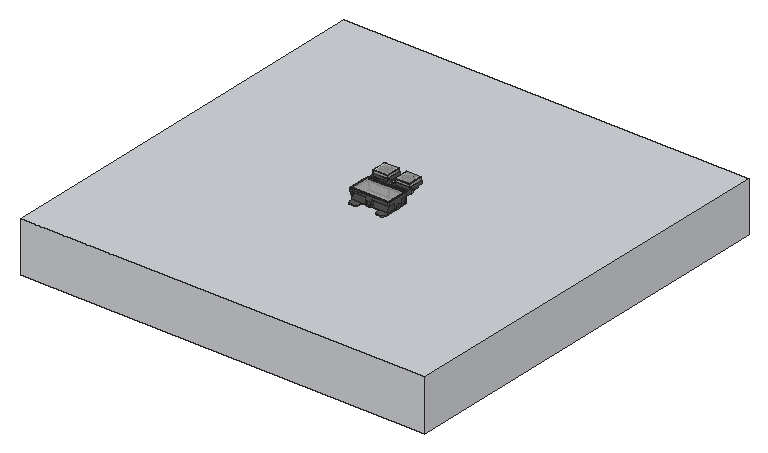
Revit family "URA Eclairage de Séurité_Bloc a Phare-SATI", category Luminaires, Revit 2021
Family settings
  Hôte = Face
  Cote de connecteur circulaire = Utiliser le diamètre
  Type d'élément = Normal
  Couper avec des vides une fois chargée = Non
  Source d'éclairage = Non
  Partagée = Non
  Repere pour localisation dans la piece = Non
Parameters (values of type "BAP Sati 1H")
  état des accus = "Lithium-ion"
  source lumineuse = "LED non interchangeable"
  capacité des bornes = "1,5-2,5 mm2"
  Type de pictogramme = "autre"
  Type de connexion = "autre"
  Type de commutation = "Non permanent"
  Tension = "230 VAC"
  Temperature d'utilisation MIN-MAX = "0°C +35°C"
  Système de contrôle = "Auto-test automatique"
  Référence / Modèle = "UR130037"
  Puissance du système = 0.8 W
  Poids = ""
  Objet Connecté = no
  Mode de pose = "Montage en saillie (mur)"
  Matière = "Plastique"
  Longueur = 285.5 mm
  Long = 285.5 mm
  Largeur = 240 mm
  Large = 240 mm
  IP = "65"
  IK = "07"
  Hauteur = 93.5 mm
  Fréquence = "50/60 Hz"
  Fonction = "Éclairage d'évacuation et d'ambiance"
  Flux lumineux utile = 2000 lm
  Fabricant = "URA"
  Elévation par défaut = 2300 mm
  Description Produit = "BAES 2 PHARES LEDS IP65 2000 LM 1H EVACUATION / AMBIANCE SATI"
  Couleur = "Noir"
  Consommation en veille = 0 A
  Conditions Générale d'Utilisation = "https://export.legrand.com/CGU-objets-BIM"
  Code EAN = "3613400171354"
  Classe de protection = "II"
  Classe ETIM = "EC001957-Luminaire d'éclairage de sécurité"
  Batterie de rechange = "2 x UR111923"
  Autonomie = "1 H"
  Alimentation de secours = "Autonome (batterie individuelle)"
  Adressable = no
  2 phares = yes
  1 phare = no
Types (5, lengths in mm): name | Référence / Modèle | Puissance du système | Longueur | Long | Largeur | Large | Flux lumineux utile | Description Produit | Code EAN | Batterie de rechange | Adressable | 2 phares | 1 phare
  (no name) | "UR130037" | 0.8 W | 285.5 | 285.5 | 240 | 240 | 2000 lm | "BAES 2 PHARES LEDS IP65 2000 LM 1H EVACUATION / AMBIANCE SATI" | "3613400171354" | "2 x UR111923" | no | yes | no
  BAP Sati Adressable 1000 lm | "UR130036" | 0.8 W | 408.5 | 408.5 | 137 | 137 | 1000 lm | "BAES 1 PHARE LEDS IP65 1000 LM 1H EVACUATION / AMBIANCE SATI ADRESSABLE" | "3613400171347" | "UR111923" | yes | no | yes
  BAP Sati Connectable 2500 lm | "UR130038" | 1 W | 285.5 | 285.5 | 240 | 240 | 2500 lm | "BAES 2 PHARES LEDS IP65 2500 LM 1H EVACUATION / AMBIANCE SATI CONNECTABLE" | "3613400171361" | "2 x UR111924" | no | yes | no
  BAP Sati Adressable 2500 lm | "UR130039" | 1 W | 285.5 | 285.5 | 240 | 240 | 2500 lm | "BAES 2 PHARES LEDS IP65 2500 LM 1H EVACUATION / AMBIANCE SATI ADRESSABLE" | "3613400171378" | "2 x UR111924" | yes | yes | no
  BAP Sati 1H | "UR130037" | 0.8 W | 285.5 | 285.5 | 240 | 240 | 2000 lm | "BAES 2 PHARES LEDS IP65 2000 LM 1H EVACUATION / AMBIANCE SATI" | "3613400171354" | "2 x UR111923" | no | yes | no
Reference planes
  plane 1 "Centre (avant/arrière)": y = 0
  plane 2 "Connecteur": z = 0
  plane 3 "Centre (gauche/droite)": x = 0
  plane 4: y = 142.75
  plane 5: y = -142.75
  plane 6: x = -120
  plane 7: x = 120
Forms (mm)
  Extrusion 1, solid
    sketch origin (0, 0, 0) x (1, 0, 0) y (0, 1, 0)
      loop
        line (-1219.2, 1219.2) -> (-1219.2, -1219.2) -> (1219.2, -1219.2) -> (1219.2, 1219.2) -> (-1219.2, 1219.2)
    from 0 to -304.8
  Extrusion 2, solid, material "LEGRAND - Plastique noir", visible <- "1 phare"
    sketch origin (0, 0, 0) x (1, 0, 0) y (0, 1, 0)
      loop
        line (65.058, 89.327) -> (26.827, 89.327) -> (21.015, 115.516) -> (-21.015, 115.516) -> (-26.82, 89.327) -> (-65.058, 89.327) -> (-65.058, 45.28) -> (-58.5, 38.722) -> (-58.5, -23.048) -> (-51.942, -29.606) -> (-51.942, -89.488) -> (-58.5, -96.045) -> (-58.5, -157.983) -> (-65.058, -164.541) -> (-65.058, -194.25)
        arc (-65.058, -194.25) -> (-62.129, -201.321) -> (-55.058, -204.25) r 10
        line (-55.058, -204.25) -> (55.058, -204.25)
        arc (55.058, -204.25) -> (62.129, -201.321) -> (65.058, -194.25) r 10
        line (65.058, -194.25) -> (65.058, -164.541) -> (58.5, -157.983) -> (58.5, -96.045) -> (51.942, -89.488) -> (51.942, -29.606) -> (58.5, -23.048) -> (58.5, 38.722) -> (65.058, 45.28) -> (65.058, 89.327)
    from 0 to 1.498
  Extrusion 3, solid, material "LEGRAND - Plastique noir", visible <- "1 phare"
    sketch origin (0, 0, 0) x (0, 1, 0) y (0, 0, 1)
      loop
        line (-89.488, 1.497) -> (-29.605, 1.497) -> (-29.605, 2.894)
        arc (-29.605, 2.894) -> (-30.777, 5.722) -> (-33.605, 6.894) r 4
        line (-33.605, 6.894) -> (-85.488, 6.894)
        arc (-85.488, 6.894) -> (-88.316, 5.722) -> (-89.488, 2.894) r 4
        line (-89.488, 2.894) -> (-89.488, 1.497)
    from -51.942 to -50.4
  Extrusion 4, solid, material "LEGRAND - Plastique noir", visible <- "1 phare"
    sketch origin (0, 0, 0) x (0, 1, 0) y (0, 0, -1)
      loop
        line (-89.488, -1.497) -> (-89.488, -2.894)
        arc (-89.488, -2.894) -> (-88.316, -5.722) -> (-85.488, -6.894) r 4
        line (-85.488, -6.894) -> (-33.605, -6.894)
        arc (-33.605, -6.894) -> (-30.777, -5.722) -> (-29.605, -2.894) r 4
        line (-29.605, -2.894) -> (-29.605, -1.497) -> (-89.488, -1.497)
    from -51.942 to -50.4
  Extrusion 5, solid, material "LEGRAND - Plastique noir", visible <- "1 phare"
    sketch origin (0, 0, 0) x (1, 0, 0) y (0, 0, 1)
      loop
        line (-65.058, 56.477) -> (-65.058, 0) -> (-39.058, 0) -> (-39.058, 41.496) -> (39.058, 41.496) -> (39.058, 0) -> (65.058, 0) -> (65.058, 56.477)
        arc (65.058, 56.477) -> (62.129, 63.548) -> (55.058, 66.477) r 10
        line (55.058, 66.477) -> (-55.058, 66.477)
        arc (-55.058, 66.477) -> (-62.129, 63.548) -> (-65.058, 56.477) r 10
    from -89.327 to -87.8
  Extrusion 6, solid, material "LEGRAND - Plastique noir 31", visible <- "2 phares"
    sketch origin (0, 0, 0) x (1, 0, 0) y (0, 1, 0)
      loop
        arc (-15.001, 53.249) -> (-21.506, 51.504) -> (-26.265, 46.738) r 13
        line (-26.265, 46.738) -> (-40.948, 21.251) -> (-50.001, 21.251) -> (-50.001, 27.827) -> (-110.002, 27.827) -> (-110.002, -120.787) -> (-104.64, -135.514)
        arc (-104.64, -135.514) -> (-100.612, -140.761) -> (-94.304, -142.75) r 11
        line (-94.304, -142.75) -> (-69.705, -142.75)
        arc (-69.705, -142.75) -> (-63.396, -140.76) -> (-59.368, -135.511) r 11
        line (-59.368, -135.511) -> (-47.811, -103.746) -> (47.803, -103.746) -> (59.361, -135.511)
        arc (59.361, -135.511) -> (63.388, -140.76) -> (69.698, -142.75) r 11
        line (69.698, -142.75) -> (94.294, -142.75)
        arc (94.294, -142.75) -> (100.603, -140.761) -> (104.63, -135.514) r 11
        line (104.63, -135.514) -> (110, -120.766) -> (110, 27.827) -> (49.999, 27.827) -> (49.999, 21.251) -> (40.977, 21.251) -> (26.251, 46.75)
        arc (26.251, 46.75) -> (21.492, 51.508) -> (14.993, 53.249) r 13
        line (14.993, 53.249) -> (-15.001, 53.249)
    from 0 to 1.498
  Extrusion 7, solid, material "LEGRAND - Plastique noir 31", visible <- "2 phares"
    sketch origin (0, 0, 0) x (1, 0, 0) y (0, 0, 1)
      loop
        line (19, 1.498) -> (19, 3.894)
        arc (19, 3.894) -> (18.121, 6.015) -> (16, 6.894) r 3
        line (16, 6.894) -> (-16, 6.894)
        arc (-16, 6.894) -> (-18.121, 6.015) -> (-19, 3.894) r 3
        line (-19, 3.894) -> (-19, 1.498) -> (19, 1.498)
    from 102.251 to 103.746
  Extrusion 8, solid, material "LEGRAND - Plastique noir 31", visible <- "2 phares"
    sketch origin (0, 0, 0) x (1, 0, 0) y (0, 0, 1)
      loop
        line (19, 1.498) -> (19, 3.894)
        arc (19, 3.894) -> (18.121, 6.015) -> (16, 6.894) r 3
        line (16, 6.894) -> (-16, 6.894)
        arc (-16, 6.894) -> (-18.121, 6.015) -> (-19, 3.894) r 3
        line (-19, 3.894) -> (-19, 1.498) -> (19, 1.498)
    from -6.251 to -4.8
  Extrusion 9, solid, material "LEGRAND - Plastique noir 31", visible <- "2 phares"
    sketch origin (0, 0, 0) x (1, 0, 0) y (0, 0, 1)
      loop
        line (110.002, 1.498) -> (110.002, 15.498) -> (100.513, 60.14)
        arc (100.513, 60.14) -> (97.723, 64.694) -> (92.688, 66.477) r 8
        line (92.688, 66.477) -> (67.315, 66.477)
        arc (67.315, 66.477) -> (62.28, 64.694) -> (59.49, 60.14) r 8
        line (59.49, 60.14) -> (50.001, 15.498) -> (50.001, 1.498) -> (110.002, 1.498)
      loop
        line (-110.002, 1.498) -> (-50.001, 1.498) -> (-50.001, 15.498) -> (-59.49, 60.14)
        arc (-59.49, 60.14) -> (-62.28, 64.694) -> (-67.315, 66.477) r 8
        line (-67.315, 66.477) -> (-92.688, 66.477)
        arc (-92.688, 66.477) -> (-97.723, 64.694) -> (-100.513, 60.14) r 8
        line (-100.513, 60.14) -> (-110.002, 15.498) -> (-110.002, 1.498)
    from -27.827 to -26.255
  Extrusion 10, solid, material "LEGRAND - Plastique noir 31", visible <- "2 phares", not visible
    sketch origin (0, 0, 0) x (1, 0, 0) y (0, 1, 0)
      loop
        arc (-15.001, 53.249) -> (-21.506, 51.504) -> (-26.265, 46.738) r 13
        line (-26.265, 46.738) -> (-40.948, 21.251) -> (-50.001, 21.251) -> (-50.001, 27.827) -> (-110.002, 27.827) -> (-110.002, -120.787) -> (-104.64, -135.514)
        arc (-104.64, -135.514) -> (-100.612, -140.761) -> (-94.304, -142.75) r 11
        line (-94.304, -142.75) -> (-69.705, -142.75)
        arc (-69.705, -142.75) -> (-63.396, -140.76) -> (-59.368, -135.511) r 11
        line (-59.368, -135.511) -> (-47.811, -103.746) -> (47.803, -103.746) -> (59.361, -135.511)
        arc (59.361, -135.511) -> (63.388, -140.76) -> (69.698, -142.75) r 11
        line (69.698, -142.75) -> (94.294, -142.75)
        arc (94.294, -142.75) -> (100.603, -140.761) -> (104.63, -135.514) r 11
        line (104.63, -135.514) -> (110, -120.766) -> (110, 27.827) -> (49.999, 27.827) -> (49.999, 21.251) -> (40.977, 21.251) -> (26.251, 46.75)
        arc (26.251, 46.75) -> (21.492, 51.508) -> (14.993, 53.249) r 13
        line (14.993, 53.249) -> (-15.001, 53.249)
    from 0 to 1.498
  Extrusion 11, solid, material "LEGRAND - Plastique noir 31", visible <- "2 phares", not visible
    sketch origin (0, 0, 0) x (1, 0, 0) y (0, 0, 1)
      loop
        line (19, 1.498) -> (19, 3.894)
        arc (19, 3.894) -> (18.121, 6.015) -> (16, 6.894) r 3
        line (16, 6.894) -> (-16, 6.894)
        arc (-16, 6.894) -> (-18.121, 6.015) -> (-19, 3.894) r 3
        line (-19, 3.894) -> (-19, 1.498) -> (19, 1.498)
    from 102.251 to 103.746
  Extrusion 12, solid, material "LEGRAND - Plastique noir 31", visible <- "2 phares", not visible
    sketch origin (0, 0, 0) x (1, 0, 0) y (0, 0, 1)
      loop
        line (19, 1.498) -> (19, 3.894)
        arc (19, 3.894) -> (18.121, 6.015) -> (16, 6.894) r 3
        line (16, 6.894) -> (-16, 6.894)
        arc (-16, 6.894) -> (-18.121, 6.015) -> (-19, 3.894) r 3
        line (-19, 3.894) -> (-19, 1.498) -> (19, 1.498)
    from -6.251 to -4.8
  Extrusion 13, solid, material "LEGRAND - Plastique noir 31", visible <- "2 phares", not visible
    sketch origin (0, 0, 0) x (1, 0, 0) y (0, 0, 1)
      loop
        line (110.002, 1.498) -> (110.002, 15.498) -> (100.513, 60.14)
        arc (100.513, 60.14) -> (97.723, 64.694) -> (92.688, 66.477) r 8
        line (92.688, 66.477) -> (67.315, 66.477)
        arc (67.315, 66.477) -> (62.28, 64.694) -> (59.49, 60.14) r 8
        line (59.49, 60.14) -> (50.001, 15.498) -> (50.001, 1.498) -> (110.002, 1.498)
      loop
        line (-110.002, 1.498) -> (-50.001, 1.498) -> (-50.001, 15.498) -> (-59.49, 60.14)
        arc (-59.49, 60.14) -> (-62.28, 64.694) -> (-67.315, 66.477) r 8
        line (-67.315, 66.477) -> (-92.688, 66.477)
        arc (-92.688, 66.477) -> (-97.723, 64.694) -> (-100.513, 60.14) r 8
        line (-100.513, 60.14) -> (-110.002, 15.498) -> (-110.002, 1.498)
    from -27.827 to -26.255
  Extrusion 14, solid, material "LEGRAND - Plastique noir", visible <- "1 phare", not visible
    sketch origin (0, 0, 0) x (1, 0, 0) y (0, 1, 0)
      loop
        line (65.058, 89.327) -> (26.827, 89.327) -> (21.015, 115.516) -> (-21.015, 115.516) -> (-26.82, 89.327) -> (-65.058, 89.327) -> (-65.058, 45.28) -> (-58.5, 38.722) -> (-58.5, -23.048) -> (-51.942, -29.606) -> (-51.942, -89.488) -> (-58.5, -96.045) -> (-58.5, -157.983) -> (-65.058, -164.541) -> (-65.058, -194.25)
        arc (-65.058, -194.25) -> (-62.129, -201.321) -> (-55.058, -204.25) r 10
        line (-55.058, -204.25) -> (55.058, -204.25)
        arc (55.058, -204.25) -> (62.129, -201.321) -> (65.058, -194.25) r 10
        line (65.058, -194.25) -> (65.058, -164.541) -> (58.5, -157.983) -> (58.5, -96.045) -> (51.942, -89.488) -> (51.942, -29.606) -> (58.5, -23.048) -> (58.5, 38.722) -> (65.058, 45.28) -> (65.058, 89.327)
    from 0 to 1.498
  Extrusion 15, solid, material "LEGRAND - Plastique noir", visible <- "1 phare", not visible
    sketch origin (0, 0, 0) x (0, 1, 0) y (0, 0, 1)
      loop
        line (-89.488, 1.497) -> (-29.605, 1.497) -> (-29.605, 2.894)
        arc (-29.605, 2.894) -> (-30.777, 5.722) -> (-33.605, 6.894) r 4
        line (-33.605, 6.894) -> (-85.488, 6.894)
        arc (-85.488, 6.894) -> (-88.316, 5.722) -> (-89.488, 2.894) r 4
        line (-89.488, 2.894) -> (-89.488, 1.497)
    from -51.942 to -50.4
  Extrusion 16, solid, material "LEGRAND - Plastique noir", visible <- "1 phare", not visible
    sketch origin (0, 0, 0) x (0, 1, 0) y (0, 0, -1)
      loop
        line (-89.488, -1.497) -> (-89.488, -2.894)
        arc (-89.488, -2.894) -> (-88.316, -5.722) -> (-85.488, -6.894) r 4
        line (-85.488, -6.894) -> (-33.605, -6.894)
        arc (-33.605, -6.894) -> (-30.777, -5.722) -> (-29.605, -2.894) r 4
        line (-29.605, -2.894) -> (-29.605, -1.497) -> (-89.488, -1.497)
    from -51.942 to -50.4
  Extrusion 17, solid, material "LEGRAND - Plastique noir", visible <- "1 phare", not visible
    sketch origin (0, 0, 0) x (1, 0, 0) y (0, 0, 1)
      loop
        line (-65.058, 56.477) -> (-65.058, 0) -> (-39.058, 0) -> (-39.058, 41.496) -> (39.058, 41.496) -> (39.058, 0) -> (65.058, 0) -> (65.058, 56.477)
        arc (65.058, 56.477) -> (62.129, 63.548) -> (55.058, 66.477) r 10
        line (55.058, 66.477) -> (-55.058, 66.477)
        arc (-55.058, 66.477) -> (-62.129, 63.548) -> (-65.058, 56.477) r 10
    from -89.327 to -87.8
Cuts and joins
  joined: Extrusion 2, Extrusion 3, Extrusion 4, Extrusion 5
  joined: Extrusion 6, Extrusion 7, Extrusion 9
Dimensions and locks
  equal spacing: plane 4, plane 1 "Centre (avant/arrière)", plane 5
  "Long": plane 4 to plane 5
  equal spacing: plane 6, plane 3 "Centre (gauche/droite)", plane 7
  "Large": plane 6 to plane 7
  aligned and locked: plane 2 "Connecteur" to Extrusion 1
  aligned and locked: level to Extrusion 1
Automatic sketch dimensions
  Extrusion 2 sketch curve to Extrusion 2 sketch curve = 6.558 mm  (x14)
  Extrusion 2 sketch curve to Extrusion 2 sketch curve = 5.812 mm
  Extrusion 2 sketch curve to Extrusion 2 sketch curve = 29.709 mm  (x2)
  Extrusion 2 sketch curve to Extrusion 2 sketch curve = 61.938 mm  (x2)
  Extrusion 2 sketch curve to Extrusion 2 sketch curve = 44.048 mm  (x2)
  Extrusion 2 sketch curve to Extrusion 2 sketch curve = 26.189 mm
  Extrusion 3 sketch curve to Extrusion 3 sketch curve = 4 mm  (x2)
  Extrusion 4 sketch curve to Extrusion 4 sketch curve = 4 mm  (x2)
  Extrusion 5 sketch curve to Extrusion 5 sketch curve = 26 mm  (x2)
  Extrusion 5 sketch curve to Extrusion 5 sketch curve = 41.496 mm  (x2)
  Extrusion 5 sketch curve to Extrusion 5 sketch curve = 14.981 mm
  Extrusion 5 sketch curve to Extrusion 5 sketch curve = 10 mm
  Extrusion 2 sketch curve to Extrusion 2 sketch curve = 0 mm
  Extrusion 2 sketch curve to Extrusion 2 sketch curve = 10 mm  (x2)
  Extrusion 2 sketch curve to Extrusion 2 sketch curve = 38.238 mm
  Extrusion 2 sketch curve to Extrusion 2 sketch curve = 5.805 mm
  Extrusion 2 sketch curve to Extrusion 2 sketch curve = 42.03 mm
  Extrusion 2 sketch curve to Extrusion 2 sketch curve = 103.885 mm
  Extrusion 2 sketch curve to Extrusion 2 sketch curve = 3.442 mm
  Extrusion 2 sketch curve to Extrusion 2 sketch curve = 59.882 mm  (x2)
  Extrusion 2 sketch curve to Extrusion 2 sketch curve = 61.77 mm  (x2)
  Extrusion 3 sketch curve to Extrusion 3 sketch curve = 51.883 mm
  Extrusion 3 sketch curve to Extrusion 3 sketch curve = 1.397 mm
  Extrusion 4 sketch curve to Extrusion 4 sketch curve = 51.883 mm
  Extrusion 4 sketch curve to Extrusion 4 sketch curve = 1.397 mm
  Extrusion 5 sketch curve to Extrusion 5 sketch curve = 78.115 mm
  Extrusion 5 sketch curve to Extrusion 5 sketch curve = 16 mm
  Extrusion 1 sketch curve to Extrusion 1 sketch curve = 2438.4 mm  (x2)
  Extrusion 6 sketch curve to Extrusion 6 sketch curve = 24.598 mm
  Extrusion 6 sketch curve to Extrusion 6 sketch curve = 11.558 mm  (x2)
  Extrusion 6 sketch curve to Extrusion 6 sketch curve = 9.053 mm
  Extrusion 6 sketch curve to Extrusion 6 sketch curve = 11.264 mm
  Extrusion 6 sketch curve to Extrusion 6 sketch curve = 11.257 mm
  Extrusion 6 sketch curve to Extrusion 6 sketch curve = 14.726 mm
  Extrusion 6 sketch curve to Extrusion 6 sketch curve = 9.022 mm
  Extrusion 6 sketch curve to Extrusion 6 sketch curve = 10.337 mm  (x2)
  Extrusion 6 sketch curve to Extrusion 6 sketch curve = 24.596 mm
  Extrusion 6 sketch curve to Extrusion 6 sketch curve = 14.727 mm
  Extrusion 6 sketch curve to Extrusion 6 sketch curve = 14.748 mm
  Extrusion 6 sketch curve to Extrusion 6 sketch curve = 6.576 mm  (x2)
  Extrusion 6 sketch curve to Extrusion 6 sketch curve = 18.997 mm
  Extrusion 6 sketch curve to Extrusion 6 sketch curve = 0 mm  (x3)
  Extrusion 6 sketch curve to Extrusion 6 sketch curve = 6.489 mm
  Extrusion 7 sketch curve to Extrusion 7 sketch curve = 3 mm  (x2)
  Extrusion 8 sketch curve to Extrusion 8 sketch curve = 3 mm  (x2)
  Extrusion 6 sketch curve to Extrusion 6 sketch curve = 31.765 mm
  Extrusion 9 sketch curve to Extrusion 9 sketch curve = 7.825 mm  (x4)
  Extrusion 9 sketch curve to Extrusion 9 sketch curve = 25.373 mm  (x2)
  Extrusion 9 sketch curve to Extrusion 9 sketch curve = 9.489 mm  (x4)
  Extrusion 9 sketch curve to Extrusion 9 sketch curve = 14 mm  (x4)
  Extrusion 9 sketch curve to Extrusion 9 sketch curve = 42.979 mm  (x2)
  Extrusion 9 sketch curve to Extrusion 9 sketch curve = 0 mm  (x3)
  Extrusion 9 sketch curve to Extrusion 9 sketch curve = 1.663 mm  (x2)
  Extrusion 6 sketch curve to Extrusion 6 sketch curve = 5.362 mm
  Extrusion 6 sketch curve to Extrusion 6 sketch curve = 10.336 mm  (x2)
  Extrusion 6 sketch curve to Extrusion 6 sketch curve = 60.002 mm
  Extrusion 6 sketch curve to Extrusion 6 sketch curve = 14.683 mm
  Extrusion 6 sketch curve to Extrusion 6 sketch curve = 29.994 mm
  Extrusion 6 sketch curve to Extrusion 6 sketch curve = 95.613 mm
  Extrusion 6 sketch curve to Extrusion 6 sketch curve = 60.001 mm
  Extrusion 6 sketch curve to Extrusion 6 sketch curve = 7.236 mm  (x2)
  Extrusion 6 sketch curve to Extrusion 6 sketch curve = 7.239 mm  (x2)
  Extrusion 6 sketch curve to Extrusion 6 sketch curve = 124.998 mm
  Extrusion 7 sketch curve to Extrusion 7 sketch curve = 32 mm
  Extrusion 7 sketch curve to Extrusion 7 sketch curve = 2.396 mm
  Extrusion 8 sketch curve to Extrusion 8 sketch curve = 32 mm
  Extrusion 8 sketch curve to Extrusion 8 sketch curve = 2.396 mm
  Extrusion 9 sketch curve to Extrusion 9 sketch curve = 100.001 mm
  Extrusion 10 sketch curve to Extrusion 10 sketch curve = 24.598 mm
  Extrusion 10 sketch curve to Extrusion 10 sketch curve = 11.558 mm  (x2)
  Extrusion 10 sketch curve to Extrusion 10 sketch curve = 9.053 mm
  Extrusion 10 sketch curve to Extrusion 10 sketch curve = 11.264 mm
  Extrusion 10 sketch curve to Extrusion 10 sketch curve = 11.257 mm
  Extrusion 10 sketch curve to Extrusion 10 sketch curve = 14.726 mm
  Extrusion 10 sketch curve to Extrusion 10 sketch curve = 9.022 mm
  Extrusion 10 sketch curve to Extrusion 10 sketch curve = 10.337 mm  (x2)
  Extrusion 10 sketch curve to Extrusion 10 sketch curve = 24.596 mm
  Extrusion 10 sketch curve to Extrusion 10 sketch curve = 14.727 mm
  Extrusion 10 sketch curve to Extrusion 10 sketch curve = 14.748 mm
  Extrusion 10 sketch curve to Extrusion 10 sketch curve = 6.576 mm  (x2)
  Extrusion 10 sketch curve to Extrusion 10 sketch curve = 18.997 mm
  Extrusion 10 sketch curve to Extrusion 10 sketch curve = 0 mm  (x3)
  Extrusion 10 sketch curve to Extrusion 10 sketch curve = 6.489 mm
  Extrusion 11 sketch curve to Extrusion 11 sketch curve = 3 mm  (x2)
  Extrusion 12 sketch curve to Extrusion 12 sketch curve = 3 mm  (x2)
  Extrusion 10 sketch curve to Extrusion 10 sketch curve = 31.765 mm
  Extrusion 13 sketch curve to Extrusion 13 sketch curve = 7.825 mm  (x4)
  Extrusion 13 sketch curve to Extrusion 13 sketch curve = 25.373 mm  (x2)
  Extrusion 13 sketch curve to Extrusion 13 sketch curve = 9.489 mm  (x4)
  Extrusion 13 sketch curve to Extrusion 13 sketch curve = 14 mm  (x4)
  Extrusion 13 sketch curve to Extrusion 13 sketch curve = 42.979 mm  (x2)
  Extrusion 13 sketch curve to Extrusion 13 sketch curve = 0 mm  (x3)
  Extrusion 13 sketch curve to Extrusion 13 sketch curve = 1.663 mm  (x2)
  Extrusion 10 sketch curve to Extrusion 10 sketch curve = 5.362 mm
  Extrusion 10 sketch curve to Extrusion 10 sketch curve = 10.336 mm  (x2)
  Extrusion 10 sketch curve to Extrusion 10 sketch curve = 60.002 mm
  Extrusion 10 sketch curve to Extrusion 10 sketch curve = 14.683 mm
  Extrusion 10 sketch curve to Extrusion 10 sketch curve = 29.994 mm
  Extrusion 10 sketch curve to Extrusion 10 sketch curve = 95.613 mm
  Extrusion 10 sketch curve to Extrusion 10 sketch curve = 60.001 mm
  Extrusion 10 sketch curve to Extrusion 10 sketch curve = 7.236 mm  (x2)
  Extrusion 10 sketch curve to Extrusion 10 sketch curve = 7.239 mm  (x2)
  Extrusion 10 sketch curve to Extrusion 10 sketch curve = 124.998 mm
  Extrusion 11 sketch curve to Extrusion 11 sketch curve = 32 mm
  Extrusion 11 sketch curve to Extrusion 11 sketch curve = 2.396 mm
  Extrusion 12 sketch curve to Extrusion 12 sketch curve = 32 mm
  Extrusion 12 sketch curve to Extrusion 12 sketch curve = 2.396 mm
  Extrusion 13 sketch curve to Extrusion 13 sketch curve = 100.001 mm
  Extrusion 14 sketch curve to Extrusion 14 sketch curve = 6.558 mm  (x14)
  Extrusion 14 sketch curve to Extrusion 14 sketch curve = 5.812 mm
  Extrusion 14 sketch curve to Extrusion 14 sketch curve = 29.709 mm  (x2)
  Extrusion 14 sketch curve to Extrusion 14 sketch curve = 61.938 mm  (x2)
  Extrusion 14 sketch curve to Extrusion 14 sketch curve = 44.048 mm  (x2)
  Extrusion 14 sketch curve to Extrusion 14 sketch curve = 26.189 mm
  Extrusion 15 sketch curve to Extrusion 15 sketch curve = 4 mm  (x2)
  Extrusion 16 sketch curve to Extrusion 16 sketch curve = 4 mm  (x2)
  Extrusion 17 sketch curve to Extrusion 17 sketch curve = 26 mm  (x2)
  Extrusion 17 sketch curve to Extrusion 17 sketch curve = 41.496 mm  (x2)
  Extrusion 17 sketch curve to Extrusion 17 sketch curve = 14.981 mm
  Extrusion 17 sketch curve to Extrusion 17 sketch curve = 10 mm
  Extrusion 14 sketch curve to Extrusion 14 sketch curve = 0 mm
  Extrusion 14 sketch curve to Extrusion 14 sketch curve = 10 mm  (x2)
  Extrusion 14 sketch curve to Extrusion 14 sketch curve = 38.238 mm
  Extrusion 14 sketch curve to Extrusion 14 sketch curve = 5.805 mm
  Extrusion 14 sketch curve to Extrusion 14 sketch curve = 42.03 mm
  Extrusion 14 sketch curve to Extrusion 14 sketch curve = 103.885 mm
  Extrusion 14 sketch curve to Extrusion 14 sketch curve = 3.442 mm
  Extrusion 14 sketch curve to Extrusion 14 sketch curve = 59.882 mm  (x2)
  Extrusion 14 sketch curve to Extrusion 14 sketch curve = 61.77 mm  (x2)
  Extrusion 15 sketch curve to Extrusion 15 sketch curve = 51.883 mm
  Extrusion 15 sketch curve to Extrusion 15 sketch curve = 1.397 mm
  Extrusion 16 sketch curve to Extrusion 16 sketch curve = 51.883 mm
  Extrusion 16 sketch curve to Extrusion 16 sketch curve = 1.397 mm
  Extrusion 17 sketch curve to Extrusion 17 sketch curve = 78.115 mm
  Extrusion 17 sketch curve to Extrusion 17 sketch curve = 16 mm
Nested families
  nested 1: "Phare" at (0, 159.782, 36.3), visible <- "1 phare", type "Phare"
  nested 2: "Pas de picto" at (0, 0, 52.5) x (-1, 0, 0) z (0, -1, 0), type "Pas de picto"
  nested 3: "Bloc" at (0, -59.77, 6.894), visible <- "1 phare", type "Bloc"
  nested 4: "Phare" at (-65.969, 98.282, 36.3), visible <- "2 phares", type "Phare"
  nested 5: "Bloc" at (0, -48.751, 6.894) x (0, 1, 0) z (0, 0, 1), visible <- "2 phares", type "Bloc"
  nested 6: "Phare" at (65.969, 98.282, 36.3) x (-1, 0, 0) z (0, 0, 1), visible <- "2 phares", type "Phare"
Connectors
  electrical at (0, 0, 0)
    settings: index 1, voltage 0 V, apparent load 0 VA, apparent load phase1 0 VA, apparent load phase2 0 VA, apparent load phase3 0 VA, power factor 1, load classification "Autre", number of poles 1, system type 31, power factor state 1, is connector primary yes, connector utility no, sub classification motor no, connector description ""
Definition of nested family "Phare"
  Parameters (values of type "Phare1")
    URL = "IDS_URL_EXPORT"
    IDS_TYPE_ACCESSOIRE = "IDS_BOITIER_PROTECTION"
    IDS_DESIGNATION_PRODUIT = "IDS_ACCESSOIRE_COFFRET_ETANCHE_IP65_POUR_BAES_U22RECT"
    Manufacturer = "LEGRAND"
    Default Elevation = 0 mm
  Reference planes
    plane 1 "Centre (avant/arrière)": y = 0
    plane 2: z = 0
    plane 3 "Centre (gauche/droite)": x = 0
    plane 4: z = 57.16
    plane 5: z = 37.672
    plane 6: z = 22.181
    plane 7: x = -44.472
    plane 8: x = 44.466
    plane 9: y = 44.468
    plane 10: y = -44.468
    plane 11: z = 55.16
    plane 12: x = 31.366
    plane 13: x = -31.366
    plane 14: y = -70.455
    plane 15: x = -59.962
    plane 16: x = 53.963
  Forms (mm)
    Extrusion 1, solid
      sketch origin (0, 0, 0) x (1, 0, 0) y (0, 1, 0)
        loop
          line (-44.472, 44.468) -> (-44.472, -44.468) -> (44.466, -44.468) -> (44.466, 44.468) -> (-44.472, 44.468)
      from 22.181 to 37.672
    Extrusion 2, solid
      sketch origin (0, 0, 0) x (1, 0, 0) y (0, 1, 0)
        loop
          line (-44.472, 44.468) -> (-44.472, -44.468) -> (44.466, -44.468) -> (44.466, 44.468) -> (-44.472, 44.468)
      from 55.16 to 57.16
    Extrusion 3, solid
      sketch origin (0, 0, 0) x (1, 0, 0) y (0, 1, 0)
        loop
          line (-37.472, 37.468) -> (-37.472, -37.468) -> (37.466, -37.468) -> (37.466, 37.468) -> (-37.472, 37.468)
      from 37.672 to 52.166
    Extrusion 4, solid
      sketch origin (0, 0, 0) x (1, 0, 0) y (0, 1, 0)
        loop
          line (-44.472, 44.468) -> (-44.472, -44.468) -> (44.466, -44.468) -> (44.466, 44.468) -> (-44.472, 44.468)
        loop
          line (42.466, 42.468) -> (-42.472, 42.468) -> (-42.472, -42.468) -> (42.466, -42.468) -> (42.466, 42.468)
      from 37.672 to 55.16
    Extrusion 5, solid
      sketch origin (0, 0, 0) x (1, 0, 0) y (0, 1, 0)
        loop
          circle (0, 22.622) r 13
        loop
          circle (-22.625, -0.003) r 13
        loop
          circle (0, -22.622) r 13
        loop
          circle (22.625, -0.003) r 13
      from 52.166 to 52.5
    Extrusion 6, solid
      sketch origin (0, 3.2, 0) x (0, 1, 0) y (0, 0, 1)
        loop
          line (-33.528, 22.181) -> (-33.528, 0) -> (31.371, 0) -> (31.371, 22.181) -> (-33.528, 22.181)
      from -31.366 to 31.224
    Extrusion 7, solid
      sketch origin (0, 0, 0) x (0, -1, 0) y (0, 0, -1)
        loop
          line (35.977, -30.177) -> (70.455, -30.177) -> (70.455, -5.196) -> (35.977, -5.196)
          arc (35.977, -5.196) -> (23.487, -17.687) -> (35.977, -30.177) r 12.49
      from 48.463 to 49.965
    Extrusion 8, solid
      sketch origin (0, 0, 0) x (0, -1, 0) y (0, 0, 1)
        loop
          arc (35.977, 30.177) -> (23.487, 17.687) -> (35.977, 5.196) r 12.49
          line (35.977, 5.196) -> (70.455, 5.196) -> (70.455, 30.177) -> (35.977, 30.177)
      from 48.463 to 49.965
    Extrusion 9, solid
      sketch origin (0, 1.495, 0) x (0, 1, 0) y (0, 0, 1)
        loop
          line (-70.455, 30.177) -> (-71.949, 30.177) -> (-71.949, 5.235) -> (-70.455, 5.235) -> (-70.455, 30.177)
      from -49.965 to 49.965
    Extrusion 10, solid
      sketch origin (0, 0, 0) x (0, 1, 0) y (0, 0, 1)
        loop
          line (-41.053, 17.683) -> (-41.053, 14.626) -> (-35.977, 11.896) -> (-30.901, 14.626) -> (-30.901, 17.683) -> (-30.901, 20.74) -> (-35.977, 23.471) -> (-41.053, 20.74) -> (-41.053, 17.683)
      from 44.254 to 53.963
    Extrusion 11, solid
      sketch origin (0, 0, 0) x (0, 1, 0) y (0, 0, -1)
        loop
          line (-41.053, -17.683) -> (-41.053, -20.74) -> (-35.977, -23.471) -> (-30.901, -20.74) -> (-30.901, -17.683) -> (-30.901, -14.626) -> (-35.977, -11.896) -> (-41.053, -14.626) -> (-41.053, -17.683)
      from 44.254 to 53.963
    Extrusion 12, solid
      sketch origin (0, 0, 0) x (1, 0, 0) y (0, 1, 0)
        loop
          line (-48.463, -42.468) -> (-48.463, -44.468) -> (48.463, -44.468) -> (48.463, -42.468) -> (-48.463, -42.468)
      from 22.181 to 37.672
  Cuts and joins
    joined: Extrusion 7, Extrusion 8, Extrusion 9
    joined: Extrusion 1, Extrusion 12
  Dimensions and locks
    plane 10 to plane 1 "Centre (avant/arrière)" to plane 9 = 44.468 mm, 44.468 mm
    plane 7 to plane 3 "Centre (gauche/droite)" to plane 8 = 44.472 mm, 44.466 mm
    aligned and locked: level to plane 2
Definition of nested family "Bloc"
  Parameters (values of type "Bloc")
    URL = "IDS_URL_EXPORT"
    IDS_TYPE_ACCESSOIRE = "IDS_BOITIER_PROTECTION"
    IDS_DESIGNATION_PRODUIT = "IDS_ACCESSOIRE_COFFRET_ETANCHE_IP65_POUR_BAES_U22RECT"
    Manufacturer = "LEGRAND"
    Default Elevation = 0 mm
  Reference planes
    plane 1 "Centre (avant/arrière)": y = 0
    plane 2: z = 0
    plane 3 "Centre (gauche/droite)": x = 0
  Forms (mm)
    Sweep 1, solid
      path origin (0, 0, 0) x (0, -1, 0) y (1, 0, 0)
        loop
          line (-112.868, 68.5) -> (-120, 61.368) -> (-120, -61.368) -> (-112.868, -68.5) -> (112.876, -68.5) -> (120, -61.376) -> (120, 61.376) -> (112.876, 68.5) -> (-112.868, 68.5)
      profile origin (68.5, -0.004, 0) x (1, 0, 0) y (0, 0, 1)
        loop
          line (-2, 60) -> (-2, 47.304) -> (-7.625, 47.304) -> (-7.625, 45.304) -> (0, 45.304) -> (0, 60) -> (-2, 60)
    Extrusion 2, solid
      sketch origin (0, 0, 0) x (0, -1, 0) y (1, 0, 0)
        loop
          line (-105.941, 59.5) -> (-108.342, 61.9)
          arc (-108.342, 61.9) -> (-112.24, 62.676) -> (-114.448, 59.371) r 3.577
          arc (-114.448, 59.371) -> (-114.176, 58.002) -> (-113.4, 56.842) r 3.577
          line (-113.4, 56.842) -> (-111, 54.441) -> (-111, -54.441) -> (-113.4, -56.842)
          arc (-113.4, -56.842) -> (-114.176, -58.002) -> (-114.448, -59.371) r 3.577
          arc (-114.448, -59.371) -> (-112.24, -62.676) -> (-108.342, -61.9) r 3.577
          line (-108.342, -61.9) -> (-105.941, -59.5) -> (105.941, -59.5) -> (108.342, -61.9)
          arc (108.342, -61.9) -> (112.24, -62.676) -> (114.448, -59.371) r 3.577
          arc (114.448, -59.371) -> (114.176, -58.002) -> (113.4, -56.842) r 3.577
          line (113.4, -56.842) -> (111, -54.441) -> (111, 54.441) -> (113.484, 56.925)
          arc (113.484, 56.925) -> (114.195, 58.053) -> (114.443, 59.363) r 3.577
          arc (114.443, 59.363) -> (112.235, 62.668) -> (108.335, 61.894) r 3.577
          line (108.335, 61.894) -> (105.941, 59.5) -> (-105.941, 59.5)
      from 54.647 to 60
    Extrusion 3, solid
      sketch origin (0.178, -0.178, 0) x (0, -1, 0) y (1, 0, 0)
        loop
          circle (-111.049, 59.193) r 2.577
      from 47.304 to 60.2
    Extrusion 4, solid
      sketch origin (0.17, 0.182, 0) x (0, 1, 0) y (-1, 0, 0)
        loop
          circle (-111.049, -59.193) r 2.577
      from 47.304 to 60.2
    Extrusion 5, solid
      sketch origin (-0.178, 0.178, 0) x (0, 1, 0) y (-1, 0, 0)
        loop
          circle (-111.049, 59.193) r 2.577
      from 47.304 to 60.2
    Extrusion 6, solid
      sketch origin (-0.178, -0.178, 0) x (0, -1, 0) y (1, 0, 0)
        loop
          circle (-111.049, -59.193) r 2.577
      from 47.304 to 60.2
    Extrusion 7, solid
      sketch origin (0, 0, 0) x (1, 0, 0) y (0, 0, 1)
        loop
          line (20, 20) -> (20, 45.304) -> (-20, 45.304) -> (-20, 20)
          arc (-20, 20) -> (0, 0) -> (20, 20) r 20
      from 107.725 to 120
    Extrusion 8, solid
      sketch origin (0, 0, 0) x (0, -1, 0) y (0, 0, 1)
        loop
          line (117.15, 47.304) -> (-117.15, 47.304) -> (-107.981, 0) -> (107.981, 0) -> (117.15, 47.304)
      from -60.875 to 60.875
    Extrusion 9, void
      sketch origin (0, 0, 0) x (0, -1, 0) y (0, 0, 1)
        loop
          line (-98.963, 2) -> (98.963, 2) -> (108, 50.429) -> (-108, 50.429) -> (-98.963, 2)
      from -58.5 to 58.5
    Extrusion 10, solid
      sketch origin (0, 0, 0) x (1, 0, 0) y (0, 0, -1)
        loop
          arc (20, -20) -> (0, 0) -> (-20, -20) r 20
          line (-20, -20) -> (-20, -45.304) -> (20, -45.304) -> (20, -20)
      from 107.725 to 120
    Extrusion 11, void
      sketch origin (0, 0, 0) x (1, 0, 0) y (0, 0, 1)
        loop
          circle (0, 20) r 13
      from 118 to 122.328
    Extrusion 12, void
      sketch origin (0, 0, 0) x (1, 0, 0) y (0, 0, -1)
        loop
          circle (0, -20) r 13
      from 118 to 122.328
    Extrusion 13, solid
      sketch origin (0, 0, 0) x (0, -1, 0) y (0, 0, 1)
        loop
          arc (-20, 20) -> (0, 0) -> (20, 20) r 20
          line (20, 20) -> (20, 45.304) -> (-20, 45.304) -> (-20, 20)
      from 60.875 to 68.5
    Extrusion 14, void
      sketch origin (0, 0, 0) x (0, -1, 0) y (0, 0, 1)
        loop
          circle (0, 20) r 13
      from 66.5 to 70.125
    Extrusion 15, solid
      sketch origin (0, 0, 0) x (0, -1, 0) y (0, 0, -1)
        loop
          line (-20, -20) -> (-20, -45.304) -> (20, -45.304) -> (20, -20)
          arc (20, -20) -> (0, 0) -> (-20, -20) r 20
      from 60.875 to 68.5
    Extrusion 16, void
      sketch origin (0, 0, 0) x (0, -1, 0) y (0, 0, -1)
        loop
          circle (0, -20) r 13
      from 66.5 to 70.125
  Cuts and joins
    Extrusion 12, Extrusion 16 cuts Sweep 1
    Extrusion 11, Extrusion 12, Extrusion 16 cuts Extrusion 7
    Extrusion 9, Extrusion 12, Extrusion 16 cuts Extrusion 8
    Extrusion 12, Extrusion 16 cuts Extrusion 10
    Extrusion 14, Extrusion 16 cuts Extrusion 13
    Extrusion 16 cuts Extrusion 15
    joined: Sweep 1, Extrusion 7, Extrusion 8, Extrusion 10, Extrusion 13, Extrusion 15
  Dimensions and locks
    cut or joined group 1 (Sweep 1, Extrusion 7, Extrusion 8, Extrusion 9, Extrusion 10, Extrusion 11, Extrusion 12, Extrusion 13, Extrusion 14, Extrusion 15, Extrusion 16) to cut or joined group 1 = 238 mm
    aligned and locked: level to plane 2
Definition of nested family "Pas de picto"
  Reference planes
    plane 1 "Centre (avant/arrière)": y = 0
    plane 2: z = 0
    plane 3 "Centre (gauche/droite)": x = 0
  Lines and regions (mm)
    Filled region 1, type "NOIR", in view "Niveau de réf."
      outline origin (0, 0, 0) x (1, 0, 0) y (0, 1, 0)
        loop
          line (103, 52.5) -> (-103, 52.5) -> (-103, -52.5) -> (103, -52.5) -> (103, 52.5)
        loop
          line (98, 47.5) -> (-98, 47.5) -> (-98, -47.5) -> (98, -47.5) -> (98, 47.5)
    model lines, in view "Niveau de réf."
      curve 1: line (103, -52.5, 0) -> (103, 52.5, 0)
      curve 2: line (103, 52.5, 0) -> (-103, 52.5, 0)
      curve 3: line (-103, 52.5, 0) -> (-103, -52.5, 0)
      curve 4: line (-103, -52.5, 0) -> (103, -52.5, 0)
    detail lines, in view "Niveau de réf."
      curve 5: line (98, 47.5, 0) -> (-98, 47.5, 0)
      curve 6: line (-98, 47.5, 0) -> (-98, -47.5, 0)
      curve 7: line (-98, -47.5, 0) -> (98, -47.5, 0)
      curve 8: line (98, -47.5, 0) -> (98, 47.5, 0)
